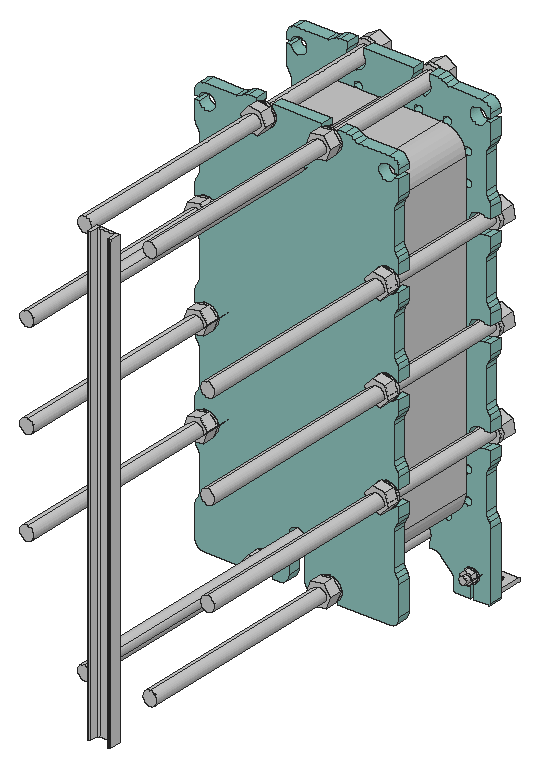
Revit family "MIT 520 - Heat Exchanger", category Specialty Equipment, Revit 2022 (continued)
Automatic sketch dimensions
  Extrusion 2 sketch curve to Extrusion 2 sketch curve = 69.282 mm  (x4)
  Extrusion 2 sketch curve to Extrusion 2 sketch curve = 22.821 mm  (x10)
  plane 11 "12" to Extrusion 2 sketch curve = 54.50 mm
  Extrusion 2 sketch curve to Extrusion 2 sketch curve = 35.821 mm  (x2)
  Extrusion 2 sketch curve to Extrusion 2 sketch curve = 4.00 mm  (x2)
  Extrusion 2 sketch curve to Extrusion 2 sketch curve = 15.00 mm  (x2)
  Extrusion 2 sketch curve to Extrusion 2 sketch curve = 12.672 mm
  plane 3 "Center (Left/Right)" to Extrusion 2 sketch curve = 11.791 mm
  Extrusion 2 sketch curve to plane 3 "Center (Left/Right)" = 11.791 mm
  Extrusion 2 sketch curve to Extrusion 2 sketch curve = 9.273 mm
  Extrusion 3 sketch curve to plane 11 "12" = 0.00 mm  (x2)
  plane 3 "Center (Left/Right)" to Extrusion 3 sketch curve = 164.00 mm
  Extrusion 3 sketch curve to Extrusion 3 sketch curve = 50.00 mm  (x3)
  Extrusion 3 sketch curve to Extrusion 3 sketch curve = 19.00 mm  (x4)
  plane 3 "Center (Left/Right)" to Extrusion 3 sketch curve = 20.00 mm  (x2)
  Extrusion 3 sketch curve to plane 3 "Center (Left/Right)" = 20.00 mm  (x2)
  Extrusion 3 sketch curve to Extrusion 3 sketch curve = 75.00 mm  (x2)
  plane 11 "12" to Extrusion 3 sketch curve = 18.50 mm  (x2)
  level to Extrusion 3 sketch curve = 215.00 mm
  Extrusion 3 sketch curve to Extrusion 3 sketch curve = 0.00 mm
  Extrusion 3 sketch curve to Extrusion 3 sketch curve = 18.50 mm  (x2)
  Extrusion 3 sketch curve to Extrusion 3 sketch curve = 40.00 mm
  plane 11 "12" to Extrusion 3 sketch curve = 28.50 mm
  Extrusion 4 sketch curve to Extrusion 4 sketch curve = 0.00 mm  (x4)
  Extrusion 4 sketch curve to plane 3 "Center (Left/Right)" = 0.00 mm  (x2)
  level to Extrusion 4 sketch curve = 160.50 mm
  plane 11 "12" to Extrusion 4 sketch curve = 54.50 mm
  Extrusion 4 sketch curve to plane 3 "Center (Left/Right)" = 11.791 mm  (x2)
  plane 3 "Center (Left/Right)" to Extrusion 4 sketch curve = 11.791 mm  (x2)
  Extrusion 4 sketch curve to Extrusion 4 sketch curve = 9.273 mm  (x2)
  Extrusion 5 sketch curve to Extrusion 5 sketch curve = 0.00 mm  (x20)
  Extrusion 5 sketch curve to plane 3 "Center (Left/Right)" = 193.25 mm  (x3)
  Extrusion 5 sketch curve to plane 3 "Center (Left/Right)" = 70.00 mm  (x2)
  plane 3 "Center (Left/Right)" to Extrusion 5 sketch curve = 70.00 mm  (x2)
  plane 3 "Center (Left/Right)" to Extrusion 5 sketch curve = 193.25 mm  (x3)
  level to Extrusion 5 sketch curve = 90.00 mm  (x2)
  Extrusion 5 sketch curve to Extrusion 5 sketch curve = 224.00 mm  (x2)
  Extrusion 5 sketch curve to Extrusion 5 sketch curve = 205.00 mm  (x2)
  Extrusion 5 sketch curve to plane 11 "12" = 99.00 mm  (x2)
  plane 11 "12" to Extrusion 5 sketch curve = 125.00 mm  (x2)
  Extrusion 5 sketch curve to Extrusion 5 sketch curve = 1.755 mm  (x12)
  Extrusion 5 sketch curve to Extrusion 5 sketch curve = 0.151 mm  (x8)
  Extrusion 5 sketch curve to Extrusion 5 sketch curve = 14.999 mm  (x4)
  Extrusion 5 sketch curve to Extrusion 5 sketch curve = 14.897 mm  (x6)
  level to Extrusion 6 sketch curve = 40.737 mm  (x2)
  Extrusion 6 sketch curve to plane 3 "Center (Left/Right)" = 190.684 mm
  level to Extrusion 6 sketch curve = 54.287 mm  (x2)
  Extrusion 6 sketch curve to Extrusion 6 sketch curve = 2.901 mm  (x3)
  level to Extrusion 6 sketch curve = 31.451 mm  (x2)
  Extrusion 6 sketch curve to Extrusion 6 sketch curve = 10.284 mm  (x3)
  level to Extrusion 6 sketch curve = 58.549 mm  (x2)
  Extrusion 6 sketch curve to Extrusion 6 sketch curve = 13.184 mm  (x4)
  level to Extrusion 6 sketch curve = 35.713 mm  (x2)
  level to Extrusion 6 sketch curve = 49.263 mm  (x2)
  plane 3 "Center (Left/Right)" to Extrusion 6 sketch curve = 164.316 mm
  level to Extrusion 7 sketch curve = 45.00 mm  (x2)
  Extrusion 7 sketch curve to plane 3 "Center (Left/Right)" = 177.50 mm
  plane 3 "Center (Left/Right)" to Extrusion 7 sketch curve = 177.50 mm
  Extrusion 8 sketch curve to Extrusion 8 sketch curve = 0.00 mm  (x4)
  level to Extrusion 8 sketch curve = 45.00 mm  (x2)
  Extrusion 8 sketch curve to plane 3 "Center (Left/Right)" = 177.50 mm
  plane 3 "Center (Left/Right)" to Extrusion 8 sketch curve = 177.50 mm
  Extrusion 8 sketch curve to Extrusion 8 sketch curve = 1.654 mm  (x4)
  Extrusion 8 sketch curve to Extrusion 8 sketch curve = 7.725 mm  (x2)
  level to Extrusion 9 sketch curve = 45.00 mm  (x2)
  Extrusion 9 sketch curve to plane 3 "Center (Left/Right)" = 177.50 mm
  plane 3 "Center (Left/Right)" to Extrusion 9 sketch curve = 177.50 mm
  level to Extrusion 10 sketch curve = 40.737 mm  (x2)
  Extrusion 10 sketch curve to plane 3 "Center (Left/Right)" = 190.684 mm
  level to Extrusion 10 sketch curve = 54.287 mm  (x2)
  Extrusion 10 sketch curve to Extrusion 10 sketch curve = 2.901 mm  (x3)
  level to Extrusion 10 sketch curve = 31.451 mm  (x2)
  Extrusion 10 sketch curve to Extrusion 10 sketch curve = 10.284 mm  (x3)
  level to Extrusion 10 sketch curve = 58.549 mm  (x2)
  Extrusion 10 sketch curve to Extrusion 10 sketch curve = 13.184 mm  (x4)
  level to Extrusion 10 sketch curve = 35.713 mm  (x2)
  level to Extrusion 10 sketch curve = 49.263 mm  (x2)
  plane 3 "Center (Left/Right)" to Extrusion 10 sketch curve = 164.316 mm
  Extrusion 11 sketch curve to Extrusion 11 sketch curve = 0.00 mm  (x123)
  Extrusion 11 sketch curve to plane 11 "12" = 0.00 mm  (x2)
  Extrusion 11 sketch curve to plane 3 "Center (Left/Right)" = 168.91 mm  (x2)
  Extrusion 11 sketch curve to plane 11 "12" = 30.615 mm  (x4)
  Extrusion 11 sketch curve to Extrusion 11 sketch curve = 43.296 mm  (x21)
  Extrusion 11 sketch curve to Extrusion 11 sketch curve = 73.91 mm  (x2)
  Extrusion 11 sketch curve to Extrusion 11 sketch curve = 61.229 mm  (x8)
  Extrusion 11 sketch curve to plane 3 "Center (Left/Right)" = 21.09 mm  (x4)
  plane 3 "Center (Left/Right)" to Extrusion 11 sketch curve = 21.09 mm  (x4)
  Extrusion 11 sketch curve to Extrusion 11 sketch curve = 30.615 mm  (x8)
  Extrusion 11 sketch curve to plane 11 "12" = 73.91 mm
  level to Extrusion 11 sketch curve = 288.91 mm
  plane 11 "12" to Extrusion 11 sketch curve = 30.615 mm  (x4)
  Extrusion 11 sketch curve to Extrusion 11 sketch curve = 1.922 mm  (x24)
  Extrusion 11 sketch curve to Extrusion 11 sketch curve = 5.75 mm  (x24)
  Extrusion 11 sketch curve to Extrusion 11 sketch curve = 14.84 mm  (x2)
  Extrusion 11 sketch curve to Extrusion 11 sketch curve = 26.738 mm  (x4)
  Extrusion 11 sketch curve to Extrusion 11 sketch curve = 6.209 mm  (x24)
  Extrusion 11 sketch curve to Extrusion 11 sketch curve = 3.032 mm  (x24)
  plane 3 "Center (Left/Right)" to Extrusion 11 sketch curve = 0.50 mm  (x2)
  Extrusion 12 sketch curve to Extrusion 12 sketch curve = 0.00 mm  (x77)
  plane 11 "12" to Extrusion 12 sketch curve = 30.615 mm  (x4)
  Extrusion 12 sketch curve to plane 3 "Center (Left/Right)" = 168.91 mm  (x2)
  Extrusion 12 sketch curve to plane 11 "12" = 30.615 mm  (x4)
  Extrusion 12 sketch curve to Extrusion 12 sketch curve = 43.296 mm  (x20)
  Extrusion 12 sketch curve to Extrusion 12 sketch curve = 61.229 mm  (x11)
  Extrusion 12 sketch curve to plane 3 "Center (Left/Right)" = 21.09 mm  (x4)
  plane 3 "Center (Left/Right)" to Extrusion 12 sketch curve = 21.09 mm  (x4)
  Extrusion 12 sketch curve to plane 11 "12" = 73.91 mm
  level to Extrusion 12 sketch curve = 288.91 mm
  Extrusion 12 sketch curve to Extrusion 12 sketch curve = 4.435 mm  (x24)
  Extrusion 12 sketch curve to Extrusion 12 sketch curve = 13.269 mm  (x20)
  Extrusion 12 sketch curve to Extrusion 12 sketch curve = 14.329 mm  (x24)
  Extrusion 12 sketch curve to Extrusion 12 sketch curve = 6.996 mm  (x24)
  Extrusion 12 sketch curve to plane 3 "Center (Left/Right)" = 7.821 mm  (x2)
  plane 3 "Center (Left/Right)" to Extrusion 12 sketch curve = 7.821 mm  (x2)
  Extrusion 13 sketch curve to plane 11 "12" = 33.813 mm  (x2)
  Extrusion 13 sketch curve to plane 3 "Center (Left/Right)" = 182.985 mm  (x2)
  Extrusion 13 sketch curve to Extrusion 13 sketch curve = 1.307 mm  (x2)
  plane 11 "12" to Extrusion 13 sketch curve = 23.883 mm  (x2)
  plane 11 "12" to Extrusion 13 sketch curve = 38.306 mm  (x2)
  Extrusion 13 sketch curve to Extrusion 13 sketch curve = 0.554 mm  (x22)
  Extrusion 13 sketch curve to Extrusion 13 sketch curve = 4.268 mm  (x16)
  Extrusion 13 sketch curve to plane 11 "12" = 20.024 mm  (x2)
  Extrusion 13 sketch curve to plane 11 "12" = 44.403 mm  (x2)
  Extrusion 13 sketch curve to Extrusion 13 sketch curve = 9.807 mm  (x26)
  plane 11 "12" to Extrusion 13 sketch curve = 16.192 mm  (x4)
  Extrusion 13 sketch curve to Extrusion 13 sketch curve = 12.214 mm  (x21)
  Extrusion 13 sketch curve to Extrusion 13 sketch curve = 12.768 mm  (x30)
  plane 11 "12" to Extrusion 13 sketch curve = 45.038 mm  (x2)
  Extrusion 13 sketch curve to Extrusion 13 sketch curve = 14.075 mm  (x30)
  Extrusion 13 sketch curve to plane 11 "12" = 16.826 mm  (x2)
  Extrusion 13 sketch curve to plane 11 "12" = 41.205 mm  (x2)
  plane 11 "12" to Extrusion 13 sketch curve = 22.923 mm  (x2)
  plane 11 "12" to Extrusion 13 sketch curve = 37.347 mm  (x2)
  Extrusion 13 sketch curve to plane 11 "12" = 27.417 mm  (x2)
  Extrusion 13 sketch curve to Extrusion 13 sketch curve = 19.066 mm  (x8)
  Extrusion 13 sketch curve to Extrusion 13 sketch curve = 28.953 mm  (x5)
  Extrusion 13 sketch curve to Extrusion 13 sketch curve = 3.198 mm  (x23)
  plane 11 "12" to Extrusion 13 sketch curve = 64.103 mm  (x2)
  Extrusion 13 sketch curve to Extrusion 13 sketch curve = 6.732 mm  (x24)
  Extrusion 13 sketch curve to plane 11 "12" = 61.143 mm  (x3)
  Extrusion 13 sketch curve to Extrusion 13 sketch curve = 7.691 mm  (x18)
  Extrusion 13 sketch curve to Extrusion 13 sketch curve = 10.59 mm  (x18)
  plane 11 "12" to Extrusion 13 sketch curve = 59.835 mm  (x2)
  Extrusion 13 sketch curve to Extrusion 13 sketch curve = 13.788 mm  (x27)
  Extrusion 13 sketch curve to Extrusion 13 sketch curve = 14.423 mm  (x28)
  Extrusion 13 sketch curve to Extrusion 13 sketch curve = 32.383 mm  (x4)
  Extrusion 13 sketch curve to Extrusion 13 sketch curve = 33.653 mm  (x4)
  Extrusion 13 sketch curve to plane 3 "Center (Left/Right)" = 35.165 mm  (x2)
  Extrusion 13 sketch curve to Extrusion 13 sketch curve = 19.938 mm  (x8)
  Extrusion 13 sketch curve to plane 3 "Center (Left/Right)" = 11.283 mm  (x2)
  Extrusion 13 sketch curve to plane 3 "Center (Left/Right)" = 8.876 mm  (x2)
  Extrusion 13 sketch curve to plane 3 "Center (Left/Right)" = 8.322 mm  (x2)
  Extrusion 13 sketch curve to plane 3 "Center (Left/Right)" = 7.015 mm  (x2)
  plane 3 "Center (Left/Right)" to Extrusion 13 sketch curve = 7.015 mm  (x2)
  plane 3 "Center (Left/Right)" to Extrusion 13 sketch curve = 8.322 mm  (x2)
  plane 3 "Center (Left/Right)" to Extrusion 13 sketch curve = 8.876 mm  (x2)
  plane 3 "Center (Left/Right)" to Extrusion 13 sketch curve = 11.283 mm  (x2)
  Extrusion 13 sketch curve to Extrusion 13 sketch curve = 22.489 mm  (x4)
  Extrusion 13 sketch curve to Extrusion 13 sketch curve = 0.00 mm  (x7)
  Extrusion 13 sketch curve to Extrusion 13 sketch curve = 11.66 mm
  level to Extrusion 13 sketch curve = 302.985 mm
  Extrusion 13 sketch curve to Extrusion 13 sketch curve = 33.018 mm  (x4)
  Extrusion 14 sketch curve to Extrusion 14 sketch curve = 0.00 mm  (x4)
  Extrusion 14 sketch curve to plane 3 "Center (Left/Right)" = 0.00 mm  (x2)
  level to Extrusion 14 sketch curve = 160.50 mm
  plane 11 "12" to Extrusion 14 sketch curve = 54.50 mm
  Extrusion 14 sketch curve to plane 3 "Center (Left/Right)" = 9.00 mm  (x2)
  Extrusion 15 sketch curve to plane 3 "Center (Left/Right)" = 24.936 mm
  Extrusion 15 sketch curve to Extrusion 15 sketch curve = 1.592 mm
  Extrusion 15 sketch curve to Extrusion 15 sketch curve = 1.981 mm
  Extrusion 15 sketch curve to Extrusion 15 sketch curve = 2.445 mm
  Extrusion 15 sketch curve to plane 8 "3" = 7.296 mm
  Extrusion 15 sketch curve to Extrusion 15 sketch curve = 7.677 mm
  Extrusion 15 sketch curve to Extrusion 15 sketch curve = 3.091 mm
  Extrusion 15 sketch curve to plane 8 "3" = 4.834 mm
  plane 3 "Center (Left/Right)" to Extrusion 15 sketch curve = 14.147 mm
  Extrusion 15 sketch curve to plane 8 "3" = 7.298 mm
  Extrusion 15 sketch curve to Extrusion 15 sketch curve = 3.083 mm
  Extrusion 15 sketch curve to Extrusion 15 sketch curve = 4.635 mm
  Extrusion 15 sketch curve to Extrusion 15 sketch curve = 2.777 mm
  Extrusion 15 sketch curve to Extrusion 15 sketch curve = 1.589 mm
  Extrusion 15 sketch curve to Extrusion 15 sketch curve = 7.778 mm
  Extrusion 15 sketch curve to Extrusion 15 sketch curve = 1.559 mm
  Extrusion 15 sketch curve to Extrusion 15 sketch curve = 2.096 mm
  Extrusion 16 sketch curve to level = 0.00 mm
  Extrusion 16 sketch curve to plane 1 "Center (Front/Back)" = 0.00 mm
  level to Extrusion 16 sketch curve = 1.00 mm
  Extrusion 16 sketch curve to Extrusion 16 sketch curve = 2.00 mm
  Extrusion 16 sketch curve to Extrusion 16 sketch curve = 3.50 mm
  level to Extrusion 16 sketch curve = 7.50 mm
  Extrusion 16 sketch curve to Extrusion 16 sketch curve = 5.00 mm
  Extrusion 16 sketch curve to plane 1 "Center (Front/Back)" = 4.50 mm
  Extrusion 16 sketch curve to Extrusion 16 sketch curve = 54.50 mm
  Extrusion 16 sketch curve to Extrusion 16 sketch curve = 3.00 mm
  plane 9 "Bolt End" to Extrusion 16 sketch curve = 49.30 mm
  Extrusion 17 sketch curve to Extrusion 17 sketch curve = 0.00 mm  (x4)
  plane 1 "Center (Front/Back)" to Extrusion 17 sketch curve = 0.00 mm
  plane 9 "Bolt End" to Extrusion 17 sketch curve = 26.30 mm  (x2)
  Extrusion 17 sketch curve to Extrusion 17 sketch curve = 25.00 mm  (x3)
  Extrusion 17 sketch curve to plane 3 "Center (Left/Right)" = 178.25 mm
  plane 3 "Center (Left/Right)" to Extrusion 17 sketch curve = 153.25 mm
  Extrusion 17 sketch curve to Extrusion 17 sketch curve = 9.00 mm  (x2)
  Extrusion 18 sketch curve to Extrusion 18 sketch curve = 0.00 mm  (x20)
  Extrusion 18 sketch curve to plane 3 "Center (Left/Right)" = 193.25 mm  (x3)
  Extrusion 18 sketch curve to plane 3 "Center (Left/Right)" = 70.00 mm  (x2)
  plane 3 "Center (Left/Right)" to Extrusion 18 sketch curve = 70.00 mm  (x2)
  plane 3 "Center (Left/Right)" to Extrusion 18 sketch curve = 193.25 mm  (x3)
  level to Extrusion 18 sketch curve = 90.00 mm  (x2)
  Extrusion 18 sketch curve to Extrusion 18 sketch curve = 224.00 mm  (x2)
  Extrusion 18 sketch curve to Extrusion 18 sketch curve = 205.00 mm  (x2)
  Extrusion 18 sketch curve to plane 11 "12" = 99.00 mm  (x2)
  plane 11 "12" to Extrusion 18 sketch curve = 125.00 mm  (x2)
  Extrusion 18 sketch curve to Extrusion 18 sketch curve = 18.616 mm  (x12)
  Extrusion 18 sketch curve to Extrusion 18 sketch curve = 11.452 mm  (x8)
  Extrusion 18 sketch curve to Extrusion 18 sketch curve = 22.223 mm  (x4)
  Extrusion 18 sketch curve to Extrusion 18 sketch curve = 16.687 mm  (x6)
  Extrusion 2 to Extrusion 19 sketch curve = 1.101 mm  (x6)
  Extrusion 2 to Extrusion 19 sketch curve = 2.301 mm  (x6)
  Extrusion 19 sketch curve to Extrusion 2 = 6.20 mm  (x6)
  Extrusion 19 sketch curve to Extrusion 2 = 8.058 mm  (x12)
  Extrusion 19 sketch curve to Extrusion 2 = 23.80 mm  (x6)
  Extrusion 19 sketch curve to Extrusion 2 = 3.15 mm  (x12)
  Extrusion 19 sketch curve to Extrusion 19 sketch curve = 26.101 mm  (x3)
  Extrusion 2 to Extrusion 19 sketch curve = 12.092 mm  (x12)
  Extrusion 19 sketch curve to Extrusion 19 sketch curve = 8.80 mm  (x6)
  Extrusion 19 sketch curve to Extrusion 2 = 9.302 mm  (x8)
  Extrusion 2 to Extrusion 19 sketch curve = 0.66 mm  (x8)
  Extrusion 2 to Extrusion 19 sketch curve = 7.038 mm  (x8)
  Extrusion 19 sketch curve to Extrusion 2 = 0.381 mm  (x4)
  Extrusion 19 sketch curve to Extrusion 2 = 1.619 mm  (x2)
  Extrusion 19 sketch curve to Extrusion 2 = 41.101 mm  (x3)
  Extrusion 19 sketch curve to Extrusion 2 = 4.063 mm  (x2)
  Extrusion 19 sketch curve to Extrusion 2 = 21.318 mm  (x2)
  Extrusion 19 sketch curve to Extrusion 19 sketch curve = 24.619 mm  (x4)
  Extrusion 19 sketch curve to Extrusion 19 sketch curve = 3.682 mm  (x2)
  Extrusion 2 to Extrusion 19 sketch curve = 2.063 mm  (x2)
  Extrusion 19 sketch curve to Extrusion 2 = 11.318 mm  (x4)
  Extrusion 19 sketch curve to Extrusion 2 = 4.064 mm  (x2)
  Extrusion 20 sketch curve to Extrusion 20 sketch curve = 0.00 mm  (x12)
  Extrusion 2 to Extrusion 20 sketch curve = 17.00 mm  (x2)
  Extrusion 20 sketch curve to Extrusion 2 = 25.00 mm  (x2)
  Extrusion 2 to Extrusion 20 sketch curve = 2.076 mm  (x12)
  Extrusion 20 sketch curve to Extrusion 2 = 7.42 mm  (x8)
  Extrusion 20 sketch curve to Extrusion 20 sketch curve = 5.353 mm  (x2)
  Extrusion 21 sketch curve to plane 3 "Center (Left/Right)" = 217.381 mm  (x2)
  Extrusion 21 sketch curve to Extrusion 21 sketch curve = 0.00 mm
  Extrusion 21 sketch curve to Extrusion 21 sketch curve = 3.074 mm  (x9)
  Extrusion 21 sketch curve to plane 11 "12" = 83.293 mm  (x2)
  Extrusion 21 sketch curve to Extrusion 21 sketch curve = 21.057 mm  (x9)
  Extrusion 21 sketch curve to plane 11 "12" = 72.911 mm  (x2)
  Extrusion 21 sketch curve to Extrusion 21 sketch curve = 24.131 mm  (x12)
  Extrusion 21 sketch curve to plane 3 "Center (Left/Right)" = 92.881 mm  (x2)
  Extrusion 21 sketch curve to Extrusion 21 sketch curve = 0.264 mm  (x5)
  Extrusion 21 sketch curve to Extrusion 21 sketch curve = 22.617 mm  (x7)
  Extrusion 21 sketch curve to Extrusion 21 sketch curve = 22.881 mm  (x8)
  plane 3 "Center (Left/Right)" to Extrusion 21 sketch curve = 47.119 mm  (x2)
  plane 3 "Center (Left/Right)" to Extrusion 21 sketch curve = 169.119 mm  (x3)
  Extrusion 21 sketch curve to Extrusion 21 sketch curve = 15.707 mm  (x6)
  Extrusion 21 sketch curve to Extrusion 21 sketch curve = 26.089 mm  (x12)
  Extrusion 21 sketch curve to Extrusion 21 sketch curve = 10.382 mm  (x10)
  Extrusion 21 sketch curve to Extrusion 21 sketch curve = 152.822 mm  (x4)
  level to Extrusion 21 sketch curve = 116.268 mm  (x2)
  Extrusion 21 sketch curve to Extrusion 21 sketch curve = 12.906 mm  (x6)
  Extrusion 21 sketch curve to Extrusion 21 sketch curve = 13.362 mm  (x6)
  Extrusion 21 sketch curve to Extrusion 21 sketch curve = 26.268 mm  (x8)
  plane 11 "12" to Extrusion 21 sketch curve = 98.732 mm  (x2)
  Extrusion 22 sketch curve to Extrusion 22 sketch curve = 0.00 mm  (x12)
  Extrusion 22 sketch curve to level = 0.00 mm  (x2)
  Extrusion 22 sketch curve to plane 11 "12" = 0.00 mm  (x2)
  Extrusion 22 sketch curve to plane 3 "Center (Left/Right)" = 0.00 mm  (x2)
  Extrusion 22 sketch curve to plane 3 "Center (Left/Right)" = 70.00 mm  (x2)
  Extrusion 22 sketch curve to plane 3 "Center (Left/Right)" = 95.00 mm  (x2)
  Extrusion 22 sketch curve to Extrusion 22 sketch curve = 35.75 mm  (x2)
  Extrusion 22 sketch curve to Extrusion 22 sketch curve = 39.00 mm  (x2)
  Extrusion 22 sketch curve to Extrusion 22 sketch curve = 17.321 mm  (x2)
  level to Extrusion 22 sketch curve = 32.50 mm  (x2)
  Extrusion 22 sketch curve to Extrusion 22 sketch curve = 32.50 mm  (x3)
  level to Extrusion 22 sketch curve = 5.00 mm  (x4)
  Extrusion 22 sketch curve to Extrusion 22 sketch curve = 40.00 mm  (x2)
  Extrusion 22 sketch curve to Extrusion 22 sketch curve = 65.629 mm  (x2)
  Extrusion 22 sketch curve to Extrusion 22 sketch curve = 98.25 mm  (x4)
  Extrusion 22 sketch curve to plane 3 "Center (Left/Right)" = 193.25 mm
  Extrusion 22 sketch curve to Extrusion 22 sketch curve = 6.301 mm  (x2)
  Extrusion 22 sketch curve to Extrusion 22 sketch curve = 35.00 mm  (x2)
  plane 3 "Center (Left/Right)" to Extrusion 22 sketch curve = 70.00 mm  (x2)
  plane 3 "Center (Left/Right)" to Extrusion 22 sketch curve = 95.00 mm  (x2)
  plane 3 "Center (Left/Right)" to Extrusion 22 sketch curve = 193.25 mm
  Extrusion 22 sketch curve to Extrusion 22 sketch curve = 12.50 mm  (x2)
  Extrusion 22 sketch curve to Extrusion 22 sketch curve = 25.00 mm  (x2)
  Extrusion 22 sketch curve to Extrusion 22 sketch curve = 70.50 mm
  Extrusion 22 sketch curve to Extrusion 22 sketch curve = 54.50 mm  (x2)
  Extrusion 22 sketch curve to Extrusion 22 sketch curve = 99.00 mm  (x2)
  Extrusion 22 sketch curve to Extrusion 22 sketch curve = 205.00 mm  (x2)
  Extrusion 22 sketch curve to plane 11 "12" = 99.00 mm  (x2)
  plane 11 "12" to Extrusion 22 sketch curve = 54.50 mm
  plane 11 "12" to Extrusion 22 sketch curve = 106.00 mm  (x2)
  Extrusion 22 sketch curve to Extrusion 22 sketch curve = 14.00 mm  (x2)
  Extrusion 22 sketch curve to Extrusion 22 sketch curve = 15.00 mm  (x2)
  Extrusion 22 sketch curve to Extrusion 22 sketch curve = 10.00 mm
  Extrusion 22 sketch curve to plane 3 "Center (Left/Right)" = 4.009 mm
  Extrusion 22 sketch curve to plane 3 "Center (Left/Right)" = 6.25 mm
  Extrusion 22 sketch curve to Extrusion 22 sketch curve = 31.946 mm  (x4)
  plane 3 "Center (Left/Right)" to Extrusion 22 sketch curve = 4.009 mm
  Extrusion 22 sketch curve to Extrusion 22 sketch curve = 3.153 mm
  Extrusion 23 sketch curve to Extrusion 23 sketch curve = 0.00 mm  (x26)
  Extrusion 23 sketch curve to plane 3 "Center (Left/Right)" = 0.00 mm  (x2)
  plane 3 "Center (Left/Right)" to Extrusion 23 sketch curve = 16.50 mm
  Extrusion 23 sketch curve to Extrusion 23 sketch curve = 20.00 mm  (x3)
  plane 3 "Center (Left/Right)" to Extrusion 23 sketch curve = 70.00 mm
  Extrusion 23 sketch curve to Extrusion 23 sketch curve = 33.50 mm  (x2)
  Extrusion 23 sketch curve to Extrusion 23 sketch curve = 39.00 mm  (x2)
  Extrusion 23 sketch curve to Extrusion 23 sketch curve = 17.321 mm  (x2)
  Extrusion 23 sketch curve to Extrusion 23 sketch curve = 65.629 mm  (x2)
  plane 3 "Center (Left/Right)" to Extrusion 23 sketch curve = 193.25 mm  (x3)
  Extrusion 23 sketch curve to Extrusion 23 sketch curve = 6.301 mm  (x2)
  level to Extrusion 23 sketch curve = 65.00 mm  (x2)
  Extrusion 23 sketch curve to Extrusion 23 sketch curve = 148.25 mm
  Extrusion 23 sketch curve to plane 3 "Center (Left/Right)" = 70.00 mm
  Extrusion 23 sketch curve to plane 3 "Center (Left/Right)" = 193.25 mm  (x3)
  Extrusion 23 sketch curve to Extrusion 23 sketch curve = 5.00 mm  (x2)
  Extrusion 23 sketch curve to Extrusion 23 sketch curve = 80.50 mm
  Extrusion 23 sketch curve to Extrusion 23 sketch curve = 148.50 mm  (x2)
  Extrusion 23 sketch curve to Extrusion 23 sketch curve = 205.00 mm  (x2)
  Extrusion 23 sketch curve to plane 11 "12" = 99.00 mm  (x2)
  plane 11 "12" to Extrusion 23 sketch curve = 54.50 mm
  plane 11 "12" to Extrusion 23 sketch curve = 106.00 mm  (x2)
  Extrusion 23 sketch curve to Extrusion 23 sketch curve = 14.00 mm  (x2)
  Extrusion 23 sketch curve to Extrusion 23 sketch curve = 15.00 mm  (x2)
  Extrusion 23 sketch curve to Extrusion 23 sketch curve = 10.00 mm
  plane 3 "Center (Left/Right)" to Extrusion 23 sketch curve = 11.791 mm
  Extrusion 23 sketch curve to Extrusion 23 sketch curve = 12.50 mm  (x2)
  Extrusion 23 sketch curve to Extrusion 23 sketch curve = 21.00 mm  (x8)
  Extrusion 23 sketch curve to Extrusion 23 sketch curve = 17.50 mm  (x2)
  Extrusion 23 sketch curve to plane 3 "Center (Left/Right)" = 11.791 mm
  Extrusion 23 sketch curve to Extrusion 23 sketch curve = 9.273 mm
  Extrusion 24 sketch curve to plane 11 "12" = 0.00 mm  (x2)
  plane 3 "Center (Left/Right)" to Extrusion 24 sketch curve = 164.00 mm
  Extrusion 24 sketch curve to Extrusion 24 sketch curve = 50.00 mm  (x4)
  Extrusion 24 sketch curve to Extrusion 24 sketch curve = 19.00 mm  (x4)
  plane 3 "Center (Left/Right)" to Extrusion 24 sketch curve = 20.00 mm  (x2)
  Extrusion 24 sketch curve to plane 3 "Center (Left/Right)" = 20.00 mm  (x2)
  Extrusion 24 sketch curve to Extrusion 24 sketch curve = 75.00 mm  (x2)
  plane 11 "12" to Extrusion 24 sketch curve = 18.50 mm  (x2)
  level to Extrusion 24 sketch curve = 215.00 mm
  Extrusion 24 sketch curve to Extrusion 24 sketch curve = 0.00 mm  (x2)
  Extrusion 24 sketch curve to Extrusion 24 sketch curve = 18.50 mm  (x2)
  Extrusion 24 sketch curve to Extrusion 24 sketch curve = 28.50 mm
  plane 11 "12" to Extrusion 24 sketch curve = 28.50 mm
  Extrusion 24 sketch curve to Extrusion 24 sketch curve = 40.00 mm
  plane 11 "12" to Extrusion 24 sketch curve = 68.50 mm
  Extrusion 25 sketch curve to Extrusion 25 sketch curve = 0.00 mm  (x49)
  Extrusion 25 sketch curve to plane 11 "12" = 0.00 mm  (x2)
  Extrusion 25 sketch curve to plane 3 "Center (Left/Right)" = 95.00 mm  (x2)
  plane 3 "Center (Left/Right)" to Extrusion 25 sketch curve = 95.00 mm  (x2)
  level to Extrusion 25 sketch curve = 215.00 mm
  Extrusion 25 sketch curve to Extrusion 25 sketch curve = 31.946 mm  (x4)
  Extrusion 25 sketch curve to Extrusion 25 sketch curve = 62.554 mm  (x2)
  plane 3 "Center (Left/Right)" to Extrusion 25 sketch curve = 0.50 mm  (x2)
  Extrusion 27 sketch curve to Extrusion 27 sketch curve = 0.00 mm  (x4)
  Extrusion 27 sketch curve to level = 0.00 mm
  Extrusion 27 sketch curve to plane 3 "Center (Left/Right)" = 0.00 mm  (x2)
  Extrusion 27 sketch curve to plane 3 "Center (Left/Right)" = 70.00 mm  (x2)
  level to Extrusion 27 sketch curve = 45.00 mm  (x2)
  Extrusion 27 sketch curve to Extrusion 27 sketch curve = 108.25 mm  (x2)
  Extrusion 27 sketch curve to plane 3 "Center (Left/Right)" = 193.25 mm  (x3)
  Extrusion 27 sketch curve to Extrusion 27 sketch curve = 148.25 mm  (x2)
  plane 3 "Center (Left/Right)" to Extrusion 27 sketch curve = 70.00 mm  (x2)
  plane 3 "Center (Left/Right)" to Extrusion 27 sketch curve = 193.25 mm  (x3)
  level to Extrusion 27 sketch curve = 90.00 mm  (x2)
  Extrusion 27 sketch curve to Extrusion 27 sketch curve = 70.50 mm  (x3)
  Extrusion 27 sketch curve to Extrusion 27 sketch curve = 153.50 mm  (x2)
  Extrusion 27 sketch curve to Extrusion 27 sketch curve = 205.00 mm  (x2)
  Extrusion 27 sketch curve to plane 11 "12" = 99.00 mm  (x2)
  plane 11 "12" to Extrusion 27 sketch curve = 54.50 mm
  plane 11 "12" to Extrusion 27 sketch curve = 150.00 mm
  Extrusion 27 sketch curve to plane 3 "Center (Left/Right)" = 4.009 mm
  Extrusion 27 sketch curve to plane 3 "Center (Left/Right)" = 6.25 mm
  plane 3 "Center (Left/Right)" to Extrusion 27 sketch curve = 4.009 mm
  Extrusion 27 sketch curve to Extrusion 27 sketch curve = 3.153 mm
  Extrusion 28 sketch curve to Extrusion 28 sketch curve = 0.00 mm  (x22)
  Extrusion 28 sketch curve to plane 3 "Center (Left/Right)" = 0.00 mm  (x2)
  plane 3 "Center (Left/Right)" to Extrusion 28 sketch curve = 70.00 mm  (x2)
  plane 3 "Center (Left/Right)" to Extrusion 28 sketch curve = 193.25 mm  (x3)
  level to Extrusion 28 sketch curve = 65.00 mm
  Extrusion 28 sketch curve to Extrusion 28 sketch curve = 148.25 mm  (x2)
  Extrusion 28 sketch curve to plane 3 "Center (Left/Right)" = 70.00 mm  (x2)
  Extrusion 28 sketch curve to plane 3 "Center (Left/Right)" = 193.25 mm  (x3)
  level to Extrusion 28 sketch curve = 90.00 mm  (x2)
  Extrusion 28 sketch curve to Extrusion 28 sketch curve = 75.50 mm
  Extrusion 28 sketch curve to Extrusion 28 sketch curve = 148.50 mm  (x2)
  Extrusion 28 sketch curve to Extrusion 28 sketch curve = 205.00 mm  (x2)
  Extrusion 28 sketch curve to plane 11 "12" = 99.00 mm  (x2)
  plane 11 "12" to Extrusion 28 sketch curve = 54.50 mm
  Extrusion 28 sketch curve to Extrusion 28 sketch curve = 70.50 mm  (x2)
  Extrusion 28 sketch curve to Extrusion 28 sketch curve = 25.00 mm
  plane 3 "Center (Left/Right)" to Extrusion 28 sketch curve = 11.791 mm
  Extrusion 28 sketch curve to Extrusion 28 sketch curve = 21.00 mm  (x10)
  Extrusion 28 sketch curve to plane 3 "Center (Left/Right)" = 11.791 mm
  Extrusion 28 sketch curve to Extrusion 28 sketch curve = 9.273 mm
  plane 3 "Center (Left/Right)" to Extrusion 29 sketch curve = 164.00 mm
  plane 3 "Center (Left/Right)" to Extrusion 29 sketch curve = 20.00 mm  (x2)
  Extrusion 29 sketch curve to plane 3 "Center (Left/Right)" = 20.00 mm  (x2)
  plane 11 "12" to Extrusion 29 sketch curve = 68.50 mm
  Extrusion 29 sketch curve to Extrusion 29 sketch curve = 144.00 mm
  plane 11 "12" to Extrusion 29 sketch curve = 28.50 mm
  level to Extrusion 29 sketch curve = 186.50 mm
  Extrusion 29 sketch curve to Extrusion 29 sketch curve = 40.00 mm
  Extrusion 29 sketch curve to Extrusion 29 sketch curve = 0.00 mm  (x2)
  Extrusion 30 sketch curve to Extrusion 30 sketch curve = 0.00 mm  (x9)
  Extrusion 30 sketch curve to plane 11 "12" = 0.00 mm  (x2)
  Extrusion 30 sketch curve to plane 3 "Center (Left/Right)" = 95.00 mm  (x2)
  plane 3 "Center (Left/Right)" to Extrusion 30 sketch curve = 95.00 mm  (x2)
  level to Extrusion 30 sketch curve = 215.00 mm
  Extrusion 30 sketch curve to Extrusion 30 sketch curve = 94.50 mm  (x2)
  plane 3 "Center (Left/Right)" to Extrusion 30 sketch curve = 0.50 mm  (x2)
  plane 3 "Center (Left/Right)" to Revolve 31 sketch curve = 123.946 mm
  Revolve 31 sketch curve to Revolve 31 sketch curve = 13.304 mm  (x2)
  plane 3 "Center (Left/Right)" to Revolve 31 sketch curve = 95.00 mm
  Revolve 31 sketch curve to plane 9 "Bolt End" = 3.70 mm
  plane 9 "Bolt End" to Revolve 31 sketch curve = 111.30 mm
  Revolve 32 sketch curve to plane 7 "1" = 0.00 mm
  plane 1 "Center (Front/Back)" to Revolve 32 sketch curve = 0.00 mm
  Revolve 32 sketch curve to plane 7 "1" = 3.00 mm
  Revolve 32 sketch curve to plane 3 "Center (Left/Right)" = 66.054 mm
  Revolve 32 sketch curve to Revolve 32 sketch curve = 13.304 mm  (x2)
  Revolve 32 sketch curve to plane 1 "Center (Front/Back)" = 3.00 mm
  Revolve 32 sketch curve to plane 3 "Center (Left/Right)" = 95.00 mm
  Revolve 32 sketch curve to plane 9 "Bolt End" = 3.70 mm
  plane 9 "Bolt End" to Revolve 32 sketch curve = 111.30 mm
  Revolve 33 sketch curve to plane 7 "1" = 0.00 mm
  plane 1 "Center (Front/Back)" to Revolve 33 sketch curve = 0.00 mm
  Revolve 33 sketch curve to plane 7 "1" = 3.00 mm
  Revolve 33 sketch curve to plane 3 "Center (Left/Right)" = 66.054 mm
  Revolve 33 sketch curve to Revolve 33 sketch curve = 13.304 mm  (x2)
  Revolve 33 sketch curve to plane 1 "Center (Front/Back)" = 3.00 mm
  Revolve 33 sketch curve to plane 3 "Center (Left/Right)" = 95.00 mm
  Revolve 33 sketch curve to plane 9 "Bolt End" = 3.70 mm
  plane 9 "Bolt End" to Revolve 33 sketch curve = 111.30 mm
  Revolve 34 sketch curve to plane 7 "1" = 0.00 mm
  plane 1 "Center (Front/Back)" to Revolve 34 sketch curve = 0.00 mm
  Revolve 34 sketch curve to plane 7 "1" = 3.00 mm
  plane 3 "Center (Left/Right)" to Revolve 34 sketch curve = 123.946 mm
  Revolve 34 sketch curve to Revolve 34 sketch curve = 13.304 mm  (x2)
  Revolve 34 sketch curve to plane 1 "Center (Front/Back)" = 3.00 mm
  plane 3 "Center (Left/Right)" to Revolve 34 sketch curve = 95.00 mm
  Revolve 34 sketch curve to plane 9 "Bolt End" = 3.70 mm
  plane 9 "Bolt End" to Revolve 34 sketch curve = 111.30 mm
  radius of Extrusion 3 sketch curve = 31.946 mm  (x4)
  radius of Extrusion 7 sketch curve = 15.00 mm  (x2)
  radius of Extrusion 9 sketch curve = 15.00 mm  (x2)
  radius of Extrusion 2 to Extrusion 20 sketch curve = 4.00 mm  (x8)
  radius of Extrusion 22 sketch curve = 11.00 mm  (x2)
  radius of Extrusion 22 sketch curve = 21.00 mm  (x10)
  radius of Extrusion 22 sketch curve = 17.50 mm  (x2)
  radius of Extrusion 24 sketch curve = 31.946 mm  (x4)
  radius of Extrusion 27 sketch curve = 11.00 mm  (x2)
  radius of Extrusion 27 sketch curve = 21.00 mm  (x10)
  radius of Extrusion 28 sketch curve = 16.50 mm
Connectors
  piping at (95, 15, 823), diameter 76.2
    settings: on Extrusion 25, index 1, connector inside diameter 609.6 mm, connector length 0.00 mm, flow factor 0, pipe flow 0.0 L/s, pressure drop 0 bar, fitting loss kfactor 0, connector angle 0.00°, fixture units 0, engagement length 0.00 mm, angle of deflection 0.00°, flow configuration 0, flow direction 1, fitting loss method 0, system type 7, joint type 0, gender type 0, connector reference index -1, connector utility 0, adjustable connector no, is connector primary yes, connector description ""
  piping at (-95, 15, 823), diameter 76.2
    settings: on Extrusion 25, index 2, connector inside diameter 609.6 mm, connector length 0.00 mm, flow factor 0, pipe flow 0.0 L/s, pressure drop 0 bar, fitting loss kfactor 0, connector angle 0.00°, fixture units 0, engagement length 0.00 mm, angle of deflection 0.00°, flow configuration 0, flow direction 2, fitting loss method 0, system type 7, joint type 0, gender type 0, connector reference index -1, connector utility 0, adjustable connector no, is connector primary no, connector description ""
  piping at (-95, 15, 215), diameter 76.2
    settings: on Extrusion 25, index 3, connector inside diameter 609.6 mm, connector length 0.00 mm, flow factor 0, pipe flow 0.0 L/s, pressure drop 0 bar, fitting loss kfactor 0, connector angle 0.00°, fixture units 0, engagement length 0.00 mm, angle of deflection 0.00°, flow configuration 0, flow direction 1, fitting loss method 0, system type 7, joint type 0, gender type 0, connector reference index -1, connector utility 0, adjustable connector no, is connector primary no, connector description ""
  piping at (95, 15, 215), diameter 76.2
    settings: on Extrusion 25, index 4, connector inside diameter 609.6 mm, connector length 0.00 mm, flow factor 0, pipe flow 0.0 L/s, pressure drop 0 bar, fitting loss kfactor 0, connector angle 0.00°, fixture units 0, engagement length 0.00 mm, angle of deflection 0.00°, flow configuration 0, flow direction 2, fitting loss method 0, system type 7, joint type 0, gender type 0, connector reference index -1, connector utility 0, adjustable connector no, is connector primary no, connector description ""
